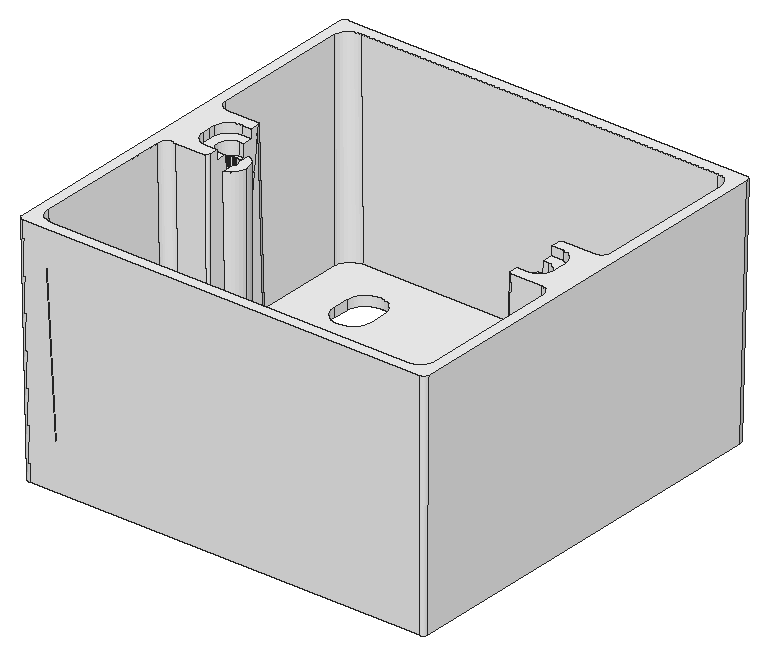
Revit family "70274", category Luminarias, Revit 2018
Family settings
  Cota de conector redondo = Diámetro de uso
  Tipo de pieza = Normal
  Número OmniClass = 23.80.70.00
  Título OmniClass = Lighting
  Se basa en plano de trabajo = Sí
  Siempre vertical = No
  Corte con vacíos al cargar = Sí
  Origen de luz = No
  Compartido = No
  Punto de cálculo de habitación = No
Parameters (values of type "70274 Surface white box DART-1")
  Voltage = ""
  URL = "https://www.faro.es/"
  Model = ""
  Fabricante = "FARO Barcelona"  # constant formula
  Lamp = ""
  FARO_URL Model = "https://faro.es/en/productos/caja-superficie-blanca-dart-1/"
  FARO_Subcategory = ""
  FARO_Ref_Accessory = ""
  FARO_Ref = "70274"
  FARO_Model Line = "DART"  # constant formula
  FARO_Material_01 [instance] = FARO_White
  FARO_Last Actualization Date = "23/06/2020"  # constant formula
  FARO_EAN = "8421776183377"
  FARO_Description ES = ""
  FARO_Description EN = "Surface white box DART-1"
  FARO_Category = "Accessories"  # constant formula
  Default Elevation = 1219.2 mm
  Assembly Code = ""
Types (2, lengths in mm): name | FARO_URL Model | FARO_Ref | FARO_Material_01 | FARO_EAN
  70274 Surface white box DART-1 | "https://faro.es/en/productos/caja-superficie-blanca-dart-1/" | "70274" | FARO_White | "8421776183377"
  70275 Surface black box DART-1 | "https://faro.es/en/productos/caja-superficie-negra-dart-1/" | "70275" | FARO_Black Paint | "8421776183384"
Reference planes
  plane 1 "Light Source Axis (F/B)": y = 0
  plane 2: z = 0
  plane 3 "Light Source Axis (L/R)": x = 0
  plane 4 "Light Source Elevation": z = 800
Forms (mm)
  SweptBlend 1, void
    path origin (0, 0, 0) x (0, 1, 0) y (0, 0, 1)
      loop
        line (0, 6.6) -> (0, 45.6)
    profile origin (0, 0, 6.6) x (0, -1, 0) y (1, 0, 0)
      loop
        arc (-36.241, -33.077) -> (-35.315, -35.315) -> (-33.077, -36.241) r 3.164
        line (-33.077, -36.241) -> (-8.942, -36.241)
        arc (-8.942, -36.241) -> (-7.529, -35.656) -> (-6.943, -34.243) r 1.999
        line (-6.943, -34.243) -> (-6.943, -28.944)
        arc (-6.943, -28.944) -> (-6.795, -28.585) -> (-6.436, -28.437) r 0.507
        line (-6.436, -28.437) -> (0, -28.437) -> (6.436, -28.437)
        arc (6.436, -28.437) -> (6.795, -28.585) -> (6.943, -28.944) r 0.507
        line (6.943, -28.944) -> (6.943, -34.243)
        arc (6.943, -34.243) -> (7.529, -35.656) -> (8.942, -36.241) r 1.999
        line (8.942, -36.241) -> (33.18, -36.241)
        arc (33.18, -36.241) -> (35.345, -35.345) -> (36.241, -33.18) r 3.062
        line (36.241, -33.18) -> (36.241, 33.225)
        arc (36.241, 33.225) -> (35.358, 35.358) -> (33.225, 36.241) r 3.016
        line (33.225, 36.241) -> (8.942, 36.241)
        arc (8.942, 36.241) -> (7.529, 35.656) -> (6.943, 34.243) r 1.999
        line (6.943, 34.243) -> (6.943, 28.944)
        arc (6.943, 28.944) -> (6.795, 28.585) -> (6.436, 28.437) r 0.507
        line (6.436, 28.437) -> (0, 28.437) -> (-6.436, 28.437)
        arc (-6.436, 28.437) -> (-6.795, 28.585) -> (-6.943, 28.944) r 0.507
        line (-6.943, 28.944) -> (-6.943, 34.243)
        arc (-6.943, 34.243) -> (-7.529, 35.656) -> (-8.942, 36.241) r 1.999
        line (-8.942, 36.241) -> (-33.043, 36.241)
        arc (-33.043, 36.241) -> (-35.305, 35.305) -> (-36.241, 33.043) r 3.198
        line (-36.241, 33.043) -> (-36.241, -33.077)
    end profile origin (0, 0, 45.6) x (0, -1, 0) y (1, 0, 0)
      loop
        line (-5.787, -29.076) -> (5.801, -29.076)
        arc (5.801, -29.076) -> (6.157, -29.223) -> (6.305, -29.579) r 0.504
        line (6.305, -29.579) -> (6.305, -35.493)
        arc (6.305, -35.493) -> (6.89, -36.906) -> (8.304, -37.492) r 1.999
        line (8.304, -37.492) -> (34.59, -37.492)
        arc (34.59, -37.492) -> (36.642, -36.642) -> (37.492, -34.59) r 2.901
        line (37.492, -34.59) -> (37.492, 34.59)
        arc (37.492, 34.59) -> (36.642, 36.642) -> (34.59, 37.492) r 2.901
        line (34.59, 37.492) -> (8.304, 37.492)
        arc (8.304, 37.492) -> (6.89, 36.906) -> (6.305, 35.493) r 1.999
        line (6.305, 35.493) -> (6.305, 29.579)
        arc (6.305, 29.579) -> (6.157, 29.223) -> (5.801, 29.076) r 0.504
        line (5.801, 29.076) -> (-5.787, 29.076)
        arc (-5.787, 29.076) -> (-6.153, 29.227) -> (-6.305, 29.593) r 0.518
        line (-6.305, 29.593) -> (-6.305, 35.493)
        arc (-6.305, 35.493) -> (-6.89, 36.906) -> (-8.304, 37.492) r 1.999
        line (-8.304, 37.492) -> (-34.59, 37.492)
        arc (-34.59, 37.492) -> (-36.642, 36.642) -> (-37.492, 34.59) r 2.901
        line (-37.492, 34.59) -> (-37.492, -34.59)
        arc (-37.492, -34.59) -> (-36.642, -36.642) -> (-34.59, -37.492) r 2.901
        line (-34.59, -37.492) -> (-8.304, -37.492)
        arc (-8.304, -37.492) -> (-6.89, -36.906) -> (-6.305, -35.493) r 1.999
        line (-6.305, -35.493) -> (-6.305, -29.593)
        arc (-6.305, -29.593) -> (-6.153, -29.227) -> (-5.787, -29.076) r 0.518
  SweptBlend 2, solid, material "FARO_White" <- "FARO_Material_01"
    path origin (0, 0, 0) x (0, 1, 0) y (0, 0, 1)
      loop
        line (0, 0) -> (0, 45.6)
    profile origin (0, 0, 0) x (0, -1, 0) y (1, 0, 0)
      loop
        line (-37.849, -38.721) -> (37.849, -38.721)
        arc (37.849, -38.721) -> (38.466, -38.466) -> (38.721, -37.849) r 0.872
        line (38.721, -37.849) -> (38.721, 37.849)
        arc (38.721, 37.849) -> (38.466, 38.466) -> (37.849, 38.721) r 0.872
        line (37.849, 38.721) -> (-37.849, 38.721)
        arc (-37.849, 38.721) -> (-38.466, 38.466) -> (-38.721, 37.849) r 0.872
        line (-38.721, 37.849) -> (-38.721, -37.849)
        arc (-38.721, -37.849) -> (-38.466, -38.466) -> (-37.849, -38.721) r 0.872
    end profile origin (0, 0, 45.6) x (0, -1, 0) y (1, 0, 0)
      loop
        arc (-39.5, -38.49) -> (-39.204, -39.204) -> (-38.49, -39.5) r 1.01
        line (-38.49, -39.5) -> (38.49, -39.5)
        arc (38.49, -39.5) -> (39.204, -39.204) -> (39.5, -38.49) r 1.01
        line (39.5, -38.49) -> (39.5, 38.49)
        arc (39.5, 38.49) -> (39.204, 39.204) -> (38.49, 39.5) r 1.01
        line (38.49, 39.5) -> (-38.49, 39.5)
        arc (-38.49, 39.5) -> (-39.204, 39.204) -> (-39.5, 38.49) r 1.01
        line (-39.5, 38.49) -> (-39.5, -38.49)
  Extrusion 3, void
    sketch origin (0, 0, 0) x (1, 0, 0) y (0, 1, 0)
      loop
        arc (-31.1, 4.3) -> (-33.222, 3.422) -> (-34.1, 1.3) r 3
        line (-34.1, 1.3) -> (-34.1, 0) -> (-34.1, -1.3)
        arc (-34.1, -1.3) -> (-33.222, -3.422) -> (-31.1, -4.3) r 3
        line (-31.1, -4.3) -> (-28.025, -4.3) -> (-28.025, 0) -> (-28.025, 4.3) -> (-31.1, 4.3)
      loop
        line (31.1, 4.3) -> (28.025, 4.3) -> (28.025, 0) -> (28.025, -4.3) -> (31.1, -4.3)
        arc (31.1, -4.3) -> (33.222, -3.422) -> (34.1, -1.3) r 3
        line (34.1, -1.3) -> (34.1, 0) -> (34.1, 1.3)
        arc (34.1, 1.3) -> (33.222, 3.422) -> (31.1, 4.3) r 3
    from 43.854 to 45.6
  Extrusion 4, void
    sketch origin (0, 0, 0) x (1, 0, 0) y (0, 1, 0)
      loop
        arc (-29.98, 2.259) -> (-32.24, 0.056) -> (-30.096, -2.259) r 2.261
        line (-30.096, -2.259) -> (-25.453, -2.259) -> (-25.453, 2.259) -> (-29.98, 2.259)
    from 41.42 to 43.854
  Extrusion 5, void
    sketch origin (0, 0, 0) x (-1, 0, 0) y (0, -1, 0)
      loop
        line (-29.98, -2.259) -> (-25.453, -2.259) -> (-25.453, 2.259) -> (-30.096, 2.259)
        arc (-30.096, 2.259) -> (-32.24, -0.056) -> (-29.98, -2.259) r 2.261
    from 41.42 to 43.854
  Extrusion 6, void
    sketch origin (0, 0, 0) x (1, 0, 0) y (0, 1, 0)
      loop
        circle (-29.98, -0.001) r 1.495
    from 39.42 to 41.42
  Extrusion 7, void
    sketch origin (0, 0, 0) x (-1, 0, 0) y (0, -1, 0)
      loop
        circle (-29.98, 0.001) r 1.495
    from 39.42 to 41.42
  Extrusion 8, solid, material "FARO_White" <- "FARO_Material_01"
    sketch origin (0, 0, 0) x (1, 0, 0) y (0, 1, 0)
      loop
        circle (-29.98, -0.001) r 1.495
      loop
        circle (-29.98, -0.001) r 3.298
    from 6.6 to 41.42
  Extrusion 9, solid, material "FARO_White" <- "FARO_Material_01"
    sketch origin (0, 0, 0) x (-1, 0, 0) y (0, -1, 0)
      loop
        circle (-29.98, 0.001) r 1.495
      loop
        circle (-29.98, 0.001) r 3.298
    from 6.6 to 41.42
  Extrusion 10, void
    sketch origin (0, 0, 0) x (1, 0, 0) y (0, 1, 0)
      loop
        circle (0, 0) r 12.965
      loop
        line (-28.167, 26) -> (-28.167, 23)
        arc (-28.167, 23) -> (-24.5, 19.333) -> (-20.833, 23) r 3.667
        line (-20.833, 23) -> (-20.833, 26)
        arc (-20.833, 26) -> (-24.5, 29.667) -> (-28.167, 26) r 3.667
      loop
        arc (23, -21.833) -> (19.333, -25.5) -> (23, -29.167) r 3.667
        line (23, -29.167) -> (26, -29.167)
        arc (26, -29.167) -> (29.667, -25.5) -> (26, -21.833) r 3.667
        line (26, -21.833) -> (23, -21.833)
      loop
        circle (-20.006, -20.002) r 9.254
      loop
        line (18.141, 22.219) -> (18.676, 21.293)
        arc (18.676, 21.293) -> (18.146, 20.014) -> (18.657, 18.727) r 1.839
        line (18.657, 18.727) -> (18.118, 17.794) -> (18.984, 17.294) -> (19.519, 18.221)
        arc (19.519, 18.221) -> (20.892, 18.401) -> (21.75, 19.487) r 1.839
        line (21.75, 19.487) -> (22.828, 19.487) -> (22.828, 20.487) -> (21.758, 20.487)
        arc (21.758, 20.487) -> (20.916, 21.586) -> (19.546, 21.786) r 1.839
        line (19.546, 21.786) -> (19.007, 22.719) -> (18.141, 22.219)
    from 2.321 to 8.6
  Extrusion 11, void
    sketch origin (0, 0, 0) x (1, 0, 0) y (0, 1, 0)
      loop
        arc (-33.077, 36.241) -> (-35.315, 35.315) -> (-36.241, 33.077) r 3.164
        line (-36.241, 33.077) -> (-36.241, 8.942)
        arc (-36.241, 8.942) -> (-35.656, 7.529) -> (-34.243, 6.943) r 1.999
        line (-34.243, 6.943) -> (-28.944, 6.943)
        arc (-28.944, 6.943) -> (-28.585, 6.795) -> (-28.437, 6.436) r 0.507
        line (-28.437, 6.436) -> (-28.437, 0) -> (-28.437, -6.436)
        arc (-28.437, -6.436) -> (-28.585, -6.795) -> (-28.944, -6.943) r 0.507
        line (-28.944, -6.943) -> (-34.243, -6.943)
        arc (-34.243, -6.943) -> (-35.656, -7.529) -> (-36.241, -8.942) r 1.999
        line (-36.241, -8.942) -> (-36.241, -33.18)
        arc (-36.241, -33.18) -> (-35.345, -35.345) -> (-33.18, -36.241) r 3.062
        line (-33.18, -36.241) -> (33.225, -36.241)
        arc (33.225, -36.241) -> (35.358, -35.358) -> (36.241, -33.225) r 3.016
        line (36.241, -33.225) -> (36.241, -8.942)
        arc (36.241, -8.942) -> (35.656, -7.529) -> (34.243, -6.943) r 1.999
        line (34.243, -6.943) -> (28.944, -6.943)
        arc (28.944, -6.943) -> (28.585, -6.795) -> (28.437, -6.436) r 0.507
        line (28.437, -6.436) -> (28.437, 0) -> (28.437, 6.436)
        arc (28.437, 6.436) -> (28.585, 6.795) -> (28.944, 6.943) r 0.507
        line (28.944, 6.943) -> (34.243, 6.943)
        arc (34.243, 6.943) -> (35.656, 7.529) -> (36.241, 8.942) r 1.999
        line (36.241, 8.942) -> (36.241, 33.043)
        arc (36.241, 33.043) -> (35.305, 35.305) -> (33.043, 36.241) r 3.198
        line (33.043, 36.241) -> (-33.077, 36.241)
    from -2 to 4.8
Cuts and joins
  SweptBlend 1, Extrusion 3, Extrusion 4, Extrusion 5, Extrusion 6, Extrusion 7, Extrusion 10, Extrusion 11 cuts SweptBlend 2
Dimensions and locks
  aligned and locked: level to plane 2
